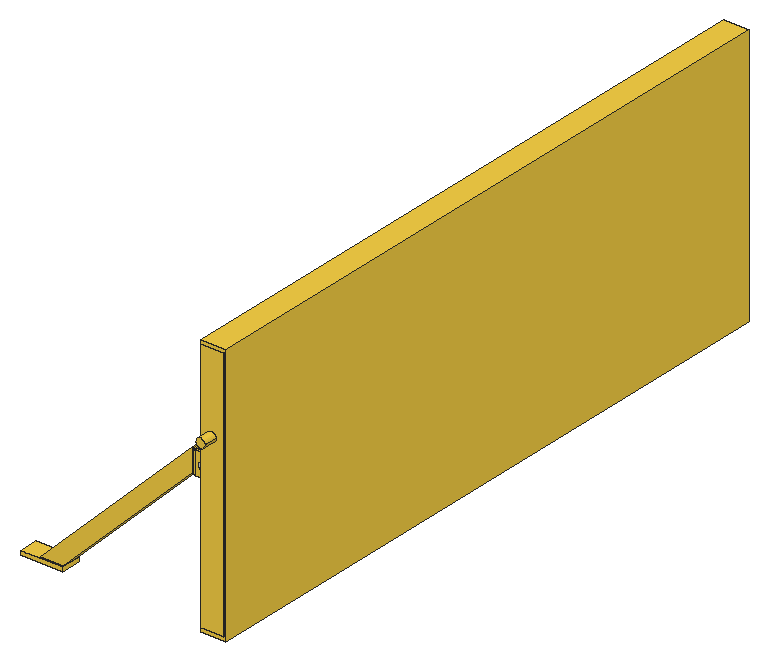
Revit family "EHL_STOPEND B 1x0,4_1860696", category Generic Models, Revit 2018
Family settings
  Can host rebar = No
  Round Connector Dimension = Use Diameter
  Part Type = Normal
  OmniClass Number = 35.51.14.00
  OmniClass Title = FORMWORK
  Work Plane-Based = Yes
  Always vertical = No
  Cut with Voids When Loaded = No
  Shared = Yes
  Room Calculation Point = No
Parameters
  VERSION = "20190101"  # constant formula
  URL = "www.ulmaconstruction.com/en"
  UNICLASS = ""
  Manufacturer = "ULMA CONSTRUCTION"  # constant formula
  ITEM_CODE = "1860696"
  FILTER [instance] = ""
  Default Elevation = 0.000 mm
  CLASSIFICATION_TITLE = ""
  CLASSIFICATION_NUMBER = ""
Reference planes
  plane 1 "Centro (Frontal/Posterior)": y = 0
  plane 2: z = 0
  plane 3 "Centro (Izquierda/Derecha)": x = 0
  plane 4 "STOPEND LENGTH": y = -1000
  plane 5 "STOPEND HEIGHT": z = 400
  plane 6 "SUPPORT 2": y = -500
  plane 7 "SUPPORT 3": y = -665
  plane 8 "01": x = -22
Forms (mm)
  Extrusion 1, solid, material "ULMA YELLOW", detail levels fine
    sketch origin (0, 0, 0) x (1, 0, 0) y (0, 0, 1)
      loop
        line (0, 400) -> (-37.502, 400) -> (-37.502, 394.996) -> (-2.5, 394.996) -> (-2.5, 5.004) -> (-37.502, 5.004) -> (-37.502, 0) -> (0, 0) -> (0, 400)
    from 0 to 1000
  Extrusion 2, solid, material "ULMA YELLOW", detail levels fine
    sketch origin (0, 0, 0) x (1, 0, 0) y (0, 1, 0)
      loop
        line (-6.5, -965) -> (-6.5, -996) -> (-37.502, -996) -> (-37.502, -1000) -> (-2.5, -1000) -> (-2.5, -965) -> (-6.5, -965)
    from 5.004 to 394.996
  Extrusion 3, solid, material "ULMA YELLOW", detail levels fine
    sketch origin (0, 0, 0) x (1, 0, 0) y (0, 1, 0)
      loop
        line (-6.5, -4) -> (-6.5, -35) -> (-2.5, -35) -> (-2.5, 0) -> (-37.502, 0) -> (-37.502, -4) -> (-6.5, -4)
    from 5.004 to 394.996
  Extrusion 4, solid, material "ULMA YELLOW", detail levels fine
    sketch origin (0, 1000, 0) x (0, 1, 0) y (0, 0, 1)
      loop
        line (-1996, 245.004) -> (-1996, 196.004) -> (-1961, 196.004) -> (-1961, 200.004) -> (-1992, 200.004) -> (-1992, 241.004) -> (-1961, 241.004) -> (-1961, 245.004) -> (-1996, 245.004)
    from -34.5 to -9.5
  Extrusion 5, solid, material "ULMA YELLOW", detail levels fine
    sketch origin (0, 0, 0) x (1, 0, 0) y (0, 1, 0)
      loop
        line (-4, -482.5) -> (-4, -492.5) -> (-37.502, -492.5) -> (-37.502, -507.5) -> (-4, -507.5) -> (-4, -517.5) -> (-2.5, -517.5) -> (-2.5, -482.5) -> (-4, -482.5)
    from 5.004 to 394.996
  Extrusion 6, solid, material "ULMA ZINC", detail levels fine
    sketch origin (0, 1000, 0) x (1, 0, 0) y (0, 1, 0)
      loop
        line (-13.5, -1968.457) -> (-22, -1963.55) -> (-30.5, -1968.457) -> (-30.5, -1977.543) -> (-22, -1982.45) -> (-13.5, -1977.543) -> (-13.5, -1968.457)
    from 189.004 to 196.004
  Extrusion 7, solid, material "ULMA ZINC", detail levels fine
    sketch origin (0, 1000, 56) x (1, 0, 0) y (0, 1, 0)
      loop
        line (-13.5, -1968.457) -> (-22, -1963.55) -> (-30.5, -1968.457) -> (-30.5, -1977.543) -> (-22, -1982.45) -> (-13.5, -1977.543) -> (-13.5, -1968.457)
    from 189.004 to 196.004
  Extrusion 8, solid, material "ULMA YELLOW", detail levels fine
    sketch origin (0, 0, 0) x (1, 0, 0) y (0, 0, 1)
      loop
        circle (-22, 273) r 7
    from 1000 to 1020
  Extrusion 9, solid, material "ULMA YELLOW", detail levels fine
    sketch origin (0, 1000, 0) x (1, 0, 0) y (0, 0, 1)
      loop
        line (-324, 5.992) -> (-324, 0) -> (-259, 0) -> (-259, 5.992) -> (-324, 5.992)
    from 1958 to 1988
  Extrusion 10, solid, material "ULMA YELLOW", detail levels fine
    sketch origin (0, 1000, 0) x (1, 0, 0) y (0, 0, 1)
      loop
        line (-62, 238.347) -> (-294.355, 5.992) -> (-259.008, 5.992) -> (-62, 203) -> (-62, 238.347)
    from 1960.5 to 1985.5
  Extrusion 11, solid, material "ULMA ZINC", detail levels fine
    sketch origin (0, 1000, 0) x (1, 0, 0) y (0, 0, 1)
      loop
        line (-12, 200.504) -> (-12, 240.504) -> (-32, 240.504) -> (-32, 230.504) -> (-42, 230.504)
        arc (-42, 230.504) -> (-51.998, 220.696) -> (-42.4, 210.504) r 10
        line (-42.4, 210.504) -> (-32, 210.504) -> (-32, 200.504) -> (-12, 200.504)
    from 1983 to 1963
  Extrusion 12, solid, material "ULMA YELLOW", detail levels fine
    sketch origin (0, 1000, 0) x (1, 0, 0) y (0, 1, 0)
      loop
        line (-30, -1962) -> (-30, -1958) -> (-55, -1958)
        arc (-55, -1958) -> (-59.95, -1960.05) -> (-62, -1965) r 7
        line (-62, -1965) -> (-62, -1981)
        arc (-62, -1981) -> (-59.95, -1985.95) -> (-55, -1988) r 7
        line (-55, -1988) -> (-30, -1988) -> (-30, -1984) -> (-55, -1984)
        arc (-55, -1984) -> (-57.121, -1983.121) -> (-58, -1981) r 3
        line (-58, -1981) -> (-58, -1965)
        arc (-58, -1965) -> (-57.121, -1962.879) -> (-55, -1962) r 3
        line (-55, -1962) -> (-30, -1962)
    from 203 to 238
  Extrusion 13, solid, material "ULMA ZINC", detail levels fine
    sketch origin (0, 1000, 0) x (1, 0, 0) y (0, 0, 1)
      loop
        circle (-42, 220.504) r 7
    from 1956 to 1990
  Extrusion 14, solid, material "ULMA ZINC", detail levels fine
    sketch origin (0, 1503.5, 0) x (1, 0, 0) y (0, 1, 0)
      loop
        line (-13.5, -1968.457) -> (-22, -1963.55) -> (-30.5, -1968.457) -> (-30.5, -1977.543) -> (-22, -1982.45) -> (-13.5, -1977.543) -> (-13.5, -1968.457)
    from 189.004 to 196.004
  Extrusion 15, solid, material "ULMA ZINC", detail levels fine
    sketch origin (0, 1503.5, 56) x (1, 0, 0) y (0, 1, 0)
      loop
        line (-13.5, -1968.457) -> (-22, -1963.55) -> (-30.5, -1968.457) -> (-30.5, -1977.543) -> (-22, -1982.45) -> (-13.5, -1977.543) -> (-13.5, -1968.457)
    from 189.004 to 196.004
  Extrusion 16, solid, material "ULMA YELLOW", detail levels fine
    sketch origin (0, 1503.5, 0) x (1, 0, 0) y (0, 0, 1)
      loop
        line (-324, 5.992) -> (-324, 0) -> (-259, 0) -> (-259, 5.992) -> (-324, 5.992)
    from 1958 to 1988
  Extrusion 17, solid, material "ULMA YELLOW", detail levels fine
    sketch origin (0, 1503.5, 0) x (1, 0, 0) y (0, 0, 1)
      loop
        line (-62, 238.347) -> (-294.355, 5.992) -> (-259.008, 5.992) -> (-62, 203) -> (-62, 238.347)
    from 1960.5 to 1985.5
  Extrusion 18, solid, material "ULMA ZINC", detail levels fine
    sketch origin (0, 1503.5, 0) x (1, 0, 0) y (0, 0, 1)
      loop
        line (-12, 200.504) -> (-12, 240.504) -> (-32, 240.504) -> (-32, 230.504) -> (-42, 230.504)
        arc (-42, 230.504) -> (-51.998, 220.696) -> (-42.4, 210.504) r 10
        line (-42.4, 210.504) -> (-32, 210.504) -> (-32, 200.504) -> (-12, 200.504)
    from 1983 to 1963
  Extrusion 19, solid, material "ULMA YELLOW", detail levels fine
    sketch origin (0, 1503.5, 0) x (1, 0, 0) y (0, 1, 0)
      loop
        line (-30, -1962) -> (-30, -1958) -> (-55, -1958)
        arc (-55, -1958) -> (-59.95, -1960.05) -> (-62, -1965) r 7
        line (-62, -1965) -> (-62, -1981)
        arc (-62, -1981) -> (-59.95, -1985.95) -> (-55, -1988) r 7
        line (-55, -1988) -> (-30, -1988) -> (-30, -1984) -> (-55, -1984)
        arc (-55, -1984) -> (-57.121, -1983.121) -> (-58, -1981) r 3
        line (-58, -1981) -> (-58, -1965)
        arc (-58, -1965) -> (-57.121, -1962.879) -> (-55, -1962) r 3
        line (-55, -1962) -> (-30, -1962)
    from 203 to 238
  Extrusion 20, solid, material "ULMA ZINC", detail levels fine
    sketch origin (0, 1503.5, 0) x (1, 0, 0) y (0, 0, 1)
      loop
        circle (-42, 220.504) r 7
    from 1956 to 1990
  Extrusion 21, solid, material "ULMA YELLOW", detail levels fine
    sketch origin (0, 1503.5, 0) x (0, 1, 0) y (0, 0, 1)
      loop
        line (-1996, 245.004) -> (-1996, 196.004) -> (-1961, 196.004) -> (-1961, 200.004) -> (-1992, 200.004) -> (-1992, 241.004) -> (-1961, 241.004) -> (-1961, 245.004) -> (-1996, 245.004)
    from -34.5 to -9.5
  Extrusion 22, solid, material "ULMA YELLOW", detail levels fine
    sketch origin (0, 0, 0) x (0, 1, 0) y (0, 0, 1)
      loop
        line (-14, 94.996) -> (-64, 94.996) -> (-64, 44.996) -> (-14, 44.996) -> (-14, 94.996)
      loop
        line (-17, 91.996) -> (-61, 91.996) -> (-61, 47.996) -> (-17, 47.996) -> (-17, 91.996)
    from -37.502 to -6.5
  Sweep 23, solid, material "ULMA ZINC", detail levels fine
    path in 3D
      loop
        line (-22, 15, 69.996) -> (-22, -102, 69.996)
        arc (-22, -102, 69.996) -> (-22, -116.849, 63.845) -> (-22, -123, 48.996) r 21
        line (-22, -123, 48.996) -> (-22, -123, 19.996)
    profile origin (-22, -43.5, 69.996) x (0, 0, 1) y (-1, 0, 0)
      loop
        circle (0, 0) r 7
  Extrusion 24, solid, material "ULMA YELLOW", detail levels coarse+medium
    sketch origin (0, 0, 0) x (1, 0, 0) y (0, 0, 1)
      loop
        line (-37.502, 400) -> (-37.502, 0) -> (0, 0) -> (0, 400) -> (-37.502, 400)
    from 0 to 1000
  Extrusion 25, solid, material "ULMA YELLOW", detail levels coarse+medium
    sketch origin (0, 1000, 0) x (1, 0, 0) y (0, 0, 1)
      loop
        line (-62.347, 238) -> (-300.347, 0) -> (-265, 0) -> (-62, 203) -> (-37.502, 203) -> (-37.502, 238) -> (-62.347, 238)
    from 1960.5 to 1985.5
  Extrusion 26, solid, material "ULMA YELLOW", detail levels coarse+medium
    sketch origin (0, 1503.5, 0) x (1, 0, 0) y (0, 0, 1)
      loop
        line (-62.347, 238) -> (-300.347, 0) -> (-265, 0) -> (-62, 203) -> (-37.502, 203) -> (-37.502, 238) -> (-62.347, 238)
    from 1960.5 to 1985.5
Lines and regions (mm)
  reference lines
    curve 1: line (-22, 15, 69.996) -> (-22, -102, 69.996)
    curve 2: line (-22, -123, 19.996) -> (-22, -123, 48.996)
    curve 3: arc (-22, -123, 48.996) -> (-22, -116.849, 63.845) -> (-22, -102, 69.996) r 21
  sketch lines
    curve 4: line (-22, 15, 69.996) -> (-22, -102, 69.996)
    curve 5: arc (-22, -123, 48.996) -> (-22, -116.849, 63.845) -> (-22, -102, 69.996) r 21
    curve 6: line (-22, -123, 19.996) -> (-22, -123, 48.996)
Dimensions and locks
  locked: Extrusion 1 sketch curve to plane 2 at 5.004
  locked: plane 5 "STOPEND HEIGHT" to Extrusion 1 sketch curve at 5.004
  Extrusion 2 sketch curve to Extrusion 2 sketch curve to Extrusion 2 sketch curve = 31.002 mm locked, 4.000 mm locked
  Extrusion 2 sketch curve to Extrusion 2 sketch curve to Extrusion 1 = 31.000 mm locked, 4.000 mm locked
  Extrusion 3 sketch curve to Extrusion 3 sketch curve to Extrusion 3 sketch curve = 4.000 mm locked, 31.000 mm locked
  Extrusion 3 sketch curve to Extrusion 3 sketch curve to Extrusion 3 sketch curve = 31.002 mm locked, 4.000 mm locked
  Extrusion 5 sketch curve to Extrusion 5 sketch curve to Extrusion 5 sketch curve to Extrusion 5 sketch curve = 10.000 mm locked, 15.000 mm locked, 10.000 mm locked
  equal spacing: Extrusion 5 sketch curve, plane 6 "SUPPORT 2", Extrusion 5 sketch curve, locked at 7.5 each
  locked: Extrusion 8 sketch curve to plane 2 at 273
  aligned and locked: level to plane 2
  aligned and locked: Extrusion 1 to plane 1 "Centro (Frontal/Posterior)"
  aligned and locked: Extrusion 1 to plane 4 "STOPEND LENGTH"
  aligned and locked: plane 5 "STOPEND HEIGHT" to Extrusion 1
  aligned and locked: Extrusion 2 to Extrusion 1  (x3)
  aligned and locked: Extrusion 2 to plane 4 "STOPEND LENGTH"
  aligned and locked: Extrusion 3 to Extrusion 1  (x3)
  aligned and locked: Extrusion 3 to plane 1 "Centro (Frontal/Posterior)"
  aligned and locked: Extrusion 5 to Extrusion 2  (x2)
  aligned and locked: Extrusion 7 to Extrusion 4
  aligned and locked: Extrusion 6 to Extrusion 4
  aligned and locked: Extrusion 2 to Extrusion 8
  aligned and locked: Extrusion 21 to Extrusion 5
  aligned and locked: Extrusion 2 to Extrusion 22
  aligned and locked: Extrusion 22 to Extrusion 3
  aligned and locked: Extrusion 4 to Extrusion 2
  aligned and locked: Extrusion 24 to plane 2
  aligned and locked: plane 5 "STOPEND HEIGHT" to Extrusion 24
  aligned and locked: Extrusion 24 to plane 4 "STOPEND LENGTH"
  aligned and locked: Extrusion 25 to Extrusion 10  (x2)
